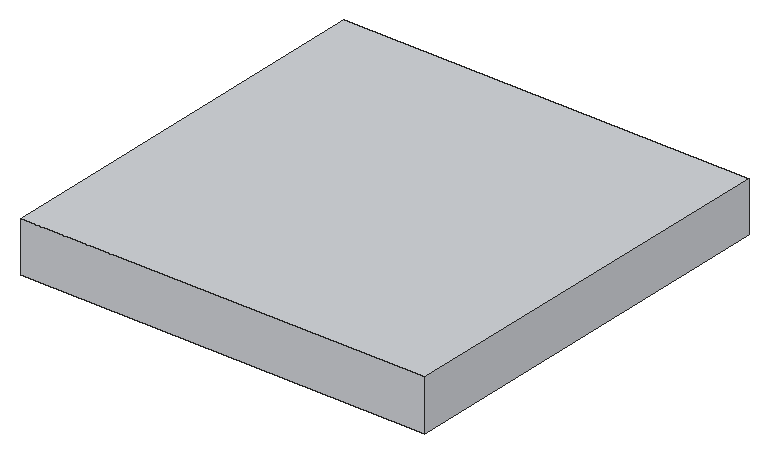
Revit family "05-7642-14-14", category Luminarias, Revit 2017
Family settings
  Anfitrión = Cara
  Cota de conector redondo = Diámetro de uso
  Tipo de pieza = Normal
  Número OmniClass = 23.80.70.00
  Título OmniClass = Lighting
  Corte con vacíos al cargar = No
  Origen de luz = No
  Compartido = Sí
  Punto de cálculo de habitación = No
Parameters (values of type "05-7642-14-14")
  Versión = "v1"
  Vatios (W) = 9.1
  Tipo de regulación = "ON-OFF"
  Tipo = "Aplic"
  Tender text (English) = "LEDS C4\nGes Deco Round ø260mm\n05-7642-14-14\n\nWall fixture for indoor use. \n\nFor uplighting and downlighting. No visible screws. Optimum price-performance. Optimum visual comfort. Indirect light effect. High durability for intensive use. Structure material: Steel, Plaster. Structure finish: White. Diffuser material: Acrylic. Diffuser finish: Sandblasted. Warranty: 5 Years.\n\nProduct net weight (Kg): 2.11\nProduct width or diameter (mm): 260\nProduct height (mm): 46\n\nClass 1. IP: IP20. LED. No. of lampholders or LEDs: 54. Driver brand: HEP. Maximum power of light source: 7.2W. Colour temperature: 3000K. Colour rendering index: 80. MacAdam Steps: 3. Maximum diameter of luminaire bulb: 50.000h L80B20. UGR: 18.8. Photobiological risk: RG0. Real flux (lm): 665. Real lm/W: 73. Voltage / frequency range: 90-264/50-60Hz. Voltage: 3. Equipment included: Yes, electronic. Total power: 9.1. Power factor: 0.50. Dimmable equipment included: ON-OFF."
  Tender text (Castellano) = "LEDS C4\nGes Deco Round ø260mm\n05-7642-14-14\n\nAplic d'ús interior per il·luminar cap amunt i cap avall \n\nSense cargols a la vista. Òptim preu-rendiment. Òptim confort visual. Efecte de llum indirecte. Alta durabilitat per a ús intensiu. Material de l'estructura: Acer, Guix. Acabat estructura: Blanc. Material del difusor: Acrílic. Acabat difusor: Arenat. Garantia: 5 Anys.\n\nPes net del producte (Kg): 2.11\nAmplada o diàmetre del producte (mm): 260\nAlçada del producte (mm): 46\n\nClasse 1. IP: IP20. LED. Nº de portalàmpades o Leds: 54. Marca del Driver: HEP. Potència màxima de la font de llum: 7.2W. Temperatura de color: 3000K. Índex de reproducció cromàtica: 80. Steps Mac Adam: 3. Diàmetre màxim de la bombeta que admet la lluminària: 50.000h L80B20. UGR: 18.8. Risc fotobiològic: RG0. Flux real (lm): 665. Lm / W reals: 73. Rang de voltatge / freqüència: 90-264/50-60Hz. Voltatge: 3. Equip inclòs: Si, electrònic. Potència total: 9.1. Factor de potència: 0.50. Equip regulable inclòs: ON-OFF."
  Temperatura color led (K) = "Blanc càlid - 3000K"
  Referencia = "05-7642-14-14"
  Rayo de luz = ""
  Producto descatalogado = "Catalogado"
  Pluma comercial = "https://files.leds-c4.com/pl/05-7642-14-14.html"
  Peso neto (KG) = 2.11
  Material = "Acer, Guix, Acrílic"
  Lumenes reales (lm) = 665
  LDT = "https://files.leds-c4.com/ldt/05-7642-14-14.html"
  Imagen web = "https://files.leds-c4.com/main-photo/05-7642-14-14"
  IfcExportType = "NOTDEFINED"
  IfcExportAs = "IfcLightFixture\r\nIfcLightFixture"
  IP = "IP20"
  IMC = "https://files.leds-c4.com/imc/05-7642-14-14.html"
  IK = ""
  Fuente de luz = ""
  Fotometría = "https://files.leds-c4.com/fm/05-7642-14-14.html"
  Ficha = "https://files.leds-c4.com/ft/ca/05-7642-14-14.html"
  FechaVersion = "Creada: 21/07/2021"
  Familia = "Ges Deco Round ø260mm"
  Fabricante = "LEDS C4"  # constant formula
  Etiqueta V/f = "100-240V/50-60Hz"
  Elevación por defecto = 1000 mm
  Eficiencia energética = "LED A++"
  EAN13 = "8435526868810"
  DescripcionUniformat2010 = "Lighting"
  DescripcionUniclass2015 = "Lighting"
  DescripcionOmniclass = "Lighting"
  DescripcionGubimclass = "Iluminación interior"
  CodigoUniformat2010 = "D5040"
  CodigoUniclass2015 = "EF_70_80"
  CodigoOmniclass = "21-04 50 40"
  CodigoGubimclass = "50.60.50.20"
  Catálogo = "Decorative"
  Carga aparente = 0 VA
  CRI = 80
  Acabado = "Blanc, Arenat"
Types (2, lengths in mm): name | Lumenes reales (lm) | CRI
  (no name) | 0 | 0
  05-7642-14-14 | 665 | 80
Values of the unnamed type that differ from the named types
  Vatios (W) = 0
  Tipo de regulación = ""
  Tipo = ""
  Tender text (English) = ""
  Tender text (Castellano) = ""
  Temperatura color led (K) = ""
  Referencia = ""
  Producto descatalogado = ""
  Pluma comercial = ""
  Peso neto (KG) = 0
  Material = ""
  LDT = ""
  Imagen web = ""
  IP = ""
  IMC = ""
  Fotometría = ""
  Ficha = ""
  FechaVersion = "Julio 2020"
  Familia = ""
  Etiqueta V/f = ""
  Eficiencia energética = ""
  EAN13 = ""
  Catálogo = ""
  Acabado = ""
Reference planes
  plane 1 "Centro (Frontal/Posterior)": y = 0
  plane 2: z = 0
  plane 3 "Centro (Izquierda/Derecha)": x = 0
  plane 4 "Elevación de origen de luz": z = 0
  plane 5 "Eje de origen de luz (F/P)": y = 0
  plane 6 "Eje de origen de luz (I/D)": x = 0
Forms (mm)
  Extrusion 1, solid
    sketch origin (0, 0, 0) x (1, 0, 0) y (0, 1, 0)
      loop
        line (-1219.2, 1219.2) -> (-1219.2, -1219.2) -> (1219.2, -1219.2) -> (1219.2, 1219.2) -> (-1219.2, 1219.2)
    from 0 to -304.8
Dimensions and locks
  aligned and locked: plane 2 to Extrusion 1
  aligned and locked: level to Extrusion 1
Nested families
  nested 1: "Luz anidada" at (0, -0.058, 53.613), type "Tipo1"
Connectors
  electrical at (0, 0, 0)
    settings: on Extrusion 1, index 1, voltage 0 V, apparent load 0 VA, apparent load phase1 0 VA, apparent load phase2 0 VA, apparent load phase3 0 VA, power factor 1, load classification "Otro", number of poles 1, system type 31, power factor state 1, is connector primary yes, connector utility no, sub classification motor no, connector description ""
Definition of nested family "Luz anidada"
  Parameters (values of type "Tipo1")
    Tilt Angle = 90.00°
    Wattage = 32 W
    Tipo de regulación = ""
    Tipo = ""
    Tender text = ""
    built-in parameter 1150110 = 1 (stored number, unit not read)
    Pluma comercial = ""
    Material = ""
    Imagen = ""
    IP = ""
    IMC = ""
    IK = ""
    Fotometría = ""
    Ficha = ""
    Familia = ""
    Estado en catálogo = ""
    Peso neto = ""
    Lamp = ""
    built-in parameter 1114217 = 1 (stored number, unit not read)
    built-in parameter 1150109 = 1 (stored number, unit not read)
    Etiqueta vf = ""
    Eficiencia energética = ""
    EAN13 = ""
    built-in parameter 1150134 = (empty or 0)
    built-in parameter 1150113 = 1 (stored number, unit not read)
    Lumens = 2712 lm
    built-in parameter 1150115 = 1 (stored number, unit not read)
    built-in parameter 1150105 = 109.82 (stored number, unit not read)
    built-in parameter 1150137 = (empty or 0)
    built-in parameter 1150139 = (empty or 0)
    built-in parameter 1150112 = 1 (stored number, unit not read)
    built-in parameter 1150114 = 1 (stored number, unit not read)
    built-in parameter 1150132 = (empty or 0)
    built-in parameter 1150102 = (empty or 0)
    built-in parameter 1150138 = (empty or 0)
    built-in parameter 1150107 = 3000 (stored number, unit not read)
    built-in parameter 1150106 = 1.0982 (stored number, unit not read)
    built-in parameter 1150104 = 4.6452 (stored number, unit not read)
    Catálogo = ""
    Dimming Lamp Color Temperature Shift = (empty or 0)
    Color Filter = 16777215
    built-in parameter 1114218 = 1 (stored number, unit not read)
    CRI = 0
    Photometric Web File = "1x4 2Lamp.ies"
    Acabado = ""
    built-in parameter 1150133 = 10 (stored number, unit not read)
  Reference planes
    plane 1 "Eje de origen de luz (F/P)": y = 0
    plane 2: z = 0
    plane 3 "Eje de origen de luz (I/D)": x = 0
    plane 4 "Elevación de origen de luz": z = 0
  Dimensions and locks
    aligned and locked: level to plane 2
